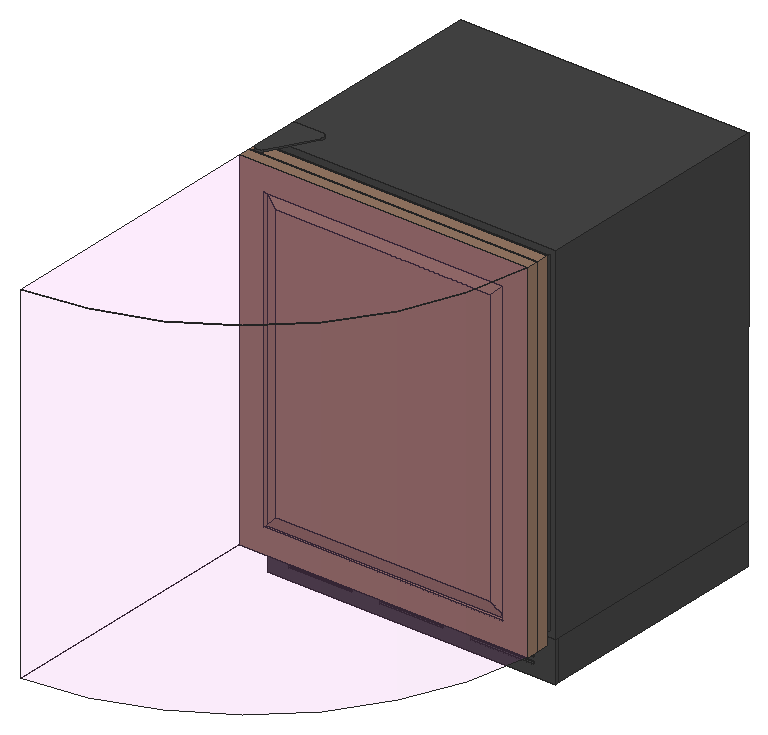
Revit family "QF_Summit_CT66BK2SSIFADA_Refrigerator-Freezer", category Specialty Equipment, Revit 2020
Family settings
  Round Connector Dimension = Use Diameter
  Part Type = Normal
  Work Plane-Based = No
  Always vertical = Yes
  Cut with Voids When Loaded = No
  Shared = No
  Room Calculation Point = No
Parameters
  Weight in Pounds = 100
  Watts = Volts * FL Amps  # 138 W
  Volts = 115 V
  URL Cutsheet = ""
  Specification by User = ""
  Specification by Manufacturer = ""
  Show LHD [instance] = yes
  Right Hinged Door [instance] = not(Show LHD)  # no
  Serial Number = ""
  Seismic Rating = ""
  SMACNA No = ""
  Revision Code = ""
  Refrigerant Volume = 0.00 kip
  Refrigerant Type = "R600a"
  Phase = 1
  Number of Poles = 1
  NAFEM Spec ID Number = ""
  Model = "CT66BK2SSIFADA"
  Min Ckt Ampacity = 0 A
  Max Overcurrent Protection = 0 A
  Masterspec = ""
  Manufacturer = "Summit"
  Length = 23 5/8"
  Item Number = ""
  Installed By = ""
  Identify Quantity as Lot = yes
  Height = 32 1/8"
  HP = ""
  Furnished By = ""
  Foodservice Equipment Identifier = yes
  FL Amps = 1.2 A
  Electrical Remarks = ""
  Electric Connection Type = ""
  Elec Conn RI Height = 0"
  Elec Conn Connection Height = 0"
  Description = "Refrigerator-Freezer"
  Depth = 22 3/8"
  Default Elevation = 0"
  Cycle = 60 Hz
  Conn Plug = ""
  Conn Conduit = yes
  CSI MasterFormat = ""
  BTUH = 0.0 Btu/h
  Apparent Power = if(Phase = 3, Volts * FL Amps * 1.73, Volts * FL Amps)  # 138 VA
Reference planes (in)
  plane 1 "BACK": y = 0
  plane 2: z = 0
  plane 3 "LEFT": x = 0
  plane 4 "RIGHT": x = 23.625
  plane 5 "FRONT": y = -22.375
  plane 6 "TOP": z = 32.125
  plane 7 "Center Y": x = 11.8125
  plane 8 "Center X": y = -11.1875
  plane 9: z = 32
  plane 10: y = -23.375
  plane 11: y = -45.875
  plane 12: y = -0.75
  plane 13: y = -20.5
  plane 14: z = 0.125
  plane 15: z = 3.375
  plane 16: x = 17.46169
Forms (in)
  Extrusion 1, solid, material "QF_Metallic_Paint_Black_Smooth"
    sketch origin (-4.07558, -180, 0.25) x (-1, 0, 0) y (0, -1, 0)
      loop
        line (-4.07558, -179.25) -> (-4.07558, -159.5) -> (-27.70058, -159.5) -> (-27.70058, -179.25) -> (-4.07558, -179.25)
    from 3.125 to 31.75
  Extrusion 2, solid, material "QF_Wood_Mahogany"
    sketch origin (-5.77638, -180, 3.5) x (-1, 0, 0) y (0, -1, 0)
      loop
        line (-5.77638, -157.625) -> (-29.40138, -157.625) -> (-29.40138, -158.625) -> (-5.77638, -158.625) -> (-5.77638, -157.625)
    from -0.125 to 28.5
  Extrusion 3, solid, material "QF_Metallic_Paint_Black_Smooth"
    sketch origin (23.5, -21.375, 3.5) x (-1, 0, 0) y (0, 0, 1)
      loop
        line (0.375, 0.375) -> (23, 0.375) -> (23, 28) -> (0.375, 28) -> (0.375, 0.375)
    from 0 to 0.875
  Extrusion 4, solid, material "QF_Metallic_Paint_Black_Smooth", visible <- "Right Hinged Door"
    sketch origin (-5.77638, -180, 32) x (-1, 0, 0) y (0, -1, 0)
      loop
        arc (-29.27619, -161.7403) -> (-29.20297, -161.91708) -> (-29.02619, -161.9903) r 0.25
        line (-29.02619, -161.9903) -> (-26.9149, -161.9903)
        arc (-26.9149, -161.9903) -> (-26.55876, -161.78675) -> (-26.55339, -161.37658) r 0.41333
        line (-26.55339, -161.37658) -> (-28.47012, -157.91871)
        arc (-28.47012, -157.91871) -> (-28.95386, -157.71088) -> (-29.27619, -158.12717) r 0.42999
        line (-29.27619, -158.12717) -> (-29.27619, -161.7403)
    from 0 to 0.125
  Extrusion 5, solid, material "QF_Metallic_Paint_Black_Smooth", visible <- "Right Hinged Door"
    sketch origin (-5.77638, -180, 3.375) x (0, 1, 0) y (1, 0, 0)
      loop
        line (159.5, 29.27619) -> (158.12717, 29.27619)
        arc (158.12717, 29.27619) -> (157.71088, 28.95386) -> (157.91871, 28.47012) r 0.42999
        line (157.91871, 28.47012) -> (159.5, 27.5936) -> (159.5, 29.27619)
    from 0 to 0.125
  Extrusion 6, solid, material "QF_Metallic_Paint_Black_Smooth"
    sketch origin (-12.48311, -20.5, 48) x (-1, 0, 0) y (0, 0, 1)
      loop
        line (-12.48311, -44.625) -> (-36.10811, -44.625) -> (-36.10811, -47.875) -> (-12.48311, -47.875) -> (-12.48311, -44.625)
      loop
        line (-14.18872, -45.26011) -> (-19.43872, -45.26011) -> (-19.43872, -45.51011) -> (-14.18872, -45.51011) -> (-14.18872, -45.26011)
      loop
        line (-14.18872, -45.76011) -> (-19.43872, -45.76011) -> (-19.43872, -46.01011) -> (-14.18872, -46.01011) -> (-14.18872, -45.76011)
      loop
        line (-14.18872, -46.26011) -> (-19.43872, -46.26011) -> (-19.43872, -46.51011) -> (-14.18872, -46.51011) -> (-14.18872, -46.26011)
      loop
        line (-14.18872, -46.76011) -> (-19.43872, -46.76011) -> (-19.43872, -47.01011) -> (-14.18872, -47.01011) -> (-14.18872, -46.76011)
      loop
        line (-21.67061, -45.26011) -> (-26.92061, -45.26011) -> (-26.92061, -45.51011) -> (-21.67061, -45.51011) -> (-21.67061, -45.26011)
      loop
        line (-21.67061, -45.76011) -> (-26.92061, -45.76011) -> (-26.92061, -46.01011) -> (-21.67061, -46.01011) -> (-21.67061, -45.76011)
      loop
        line (-21.67061, -46.26011) -> (-26.92061, -46.26011) -> (-26.92061, -46.51011) -> (-21.67061, -46.51011) -> (-21.67061, -46.26011)
      loop
        line (-21.67061, -46.76011) -> (-26.92061, -46.76011) -> (-26.92061, -47.01011) -> (-21.67061, -47.01011) -> (-21.67061, -46.76011)
      loop
        line (-34.40249, -45.26011) -> (-34.40249, -45.51011) -> (-29.15249, -45.51011) -> (-29.15249, -45.26011) -> (-34.40249, -45.26011)
      loop
        line (-34.40249, -45.76011) -> (-34.40249, -46.01011) -> (-29.15249, -46.01011) -> (-29.15249, -45.76011) -> (-34.40249, -45.76011)
      loop
        line (-34.40249, -46.26011) -> (-34.40249, -46.51011) -> (-29.15249, -46.51011) -> (-29.15249, -46.26011) -> (-34.40249, -46.26011)
      loop
        line (-34.40249, -46.76011) -> (-34.40249, -47.01011) -> (-29.15249, -47.01011) -> (-29.15249, -46.76011) -> (-34.40249, -46.76011)
    from 0 to 0.25
  Extrusion 7, solid, material "QF_Metallic_Paint_Black_Smooth"
    sketch origin (-12.48311, -1, 48) x (-1, 0, 0) y (0, 0, 1)
      loop
        line (-12.48311, -44.625) -> (-36.10811, -44.625) -> (-36.10811, -47.875) -> (-12.48311, -47.875) -> (-12.48311, -44.625)
    from -19.25 to 0.25
  Extrusion 8, solid, material "QF_Metallic_Paint_Black_Smooth"
    sketch origin (0, 0, 0) x (1, 0, 0) y (0, 1, 0)
      loop
        circle (3.1104, -18.5) r 0.5
      loop
        circle (3.1104, -2.75) r 0.5
      loop
        circle (20.5146, -18.5) r 0.5
      loop
        circle (20.5146, -2.75) r 0.5
    from 0 to 0.125
  Extrusion 9, solid, material "QF_Metal_Stainless_Polished"
    sketch origin (0, -0.75, 0.25) x (1, 0, 0) y (0, 0, -1)
      loop
        circle (17.46169, -0.84684) r 0.25
    from 0 to 0.25
  Extrusion 10, solid, material "QF_Metallic_Paint_Black_Smooth"
    sketch origin (0, -0.75, 17.75) x (0, -1, 0) y (1, 0, 0)
      loop
        line (-0.75, 9.30778) -> (0, 9.30778) -> (0, 14.31722) -> (-0.75, 14.31722) -> (-0.75, 9.30778)
    from -3 to 3
  Extrusion 11, solid, material "QF_Clearances_Door_Drawer", visible <- "Right Hinged Door"
    sketch origin (-5.77638, -180, 3.375) x (0, -1, 0) y (-1, 0, 0)
      loop
        line (-156.625, -29.40138) -> (-134.125, -29.40138)
        arc (-134.125, -29.40138) -> (-140.92298, -13.34886) -> (-156.625, -5.77638) r 24.71492
        line (-156.625, -5.77638) -> (-156.625, -29.40138)
    from 0 to -28.625
  Extrusion 12, solid, material "QF_Wood_Mahogany"
    sketch origin (23.625, -22.375, 3.5) x (-1, 0, 0) y (0, 0, 1)
      loop
        line (23.625, 28.5) -> (0, 28.5) -> (0, -0.125) -> (23.625, -0.125) -> (23.625, 28.5)
      loop
        line (21.625, 1.875) -> (21.625, 26.5) -> (2, 26.5) -> (2, 1.875) -> (21.625, 1.875)
    from 0 to -1
  Extrusion 13, solid
    sketch origin (23.625, -22.375, 3.5) x (-1, 0, 0) y (0, 0, 1)
      loop
        line (21.625, 26.5) -> (2, 26.5) -> (2, 1.875) -> (21.625, 1.875) -> (21.625, 26.5)
    from 0 to -0.75
  Blend 14, solid, material "QF_Wood_Mahogany"
    base sketch origin (23.625, -23.125, 3.5) x (1, 0, 0) y (0, 0, 1)
      loop
        line (-21.625, 26.5) -> (-21.625, 1.875) -> (-2, 1.875) -> (-2, 26.5) -> (-21.625, 26.5)
    top sketch origin (23.625, -23.125, 3.5) x (-1, 0, 0) y (0, 0, 1)
      loop
        line (20.625, 2.875) -> (20.625, 25.5) -> (3, 25.5) -> (3, 2.875) -> (20.625, 2.875)
    from 0 to 0.25
  Extrusion 15, solid, material "QF_Metallic_Paint_Black_Smooth", visible <- "Show LHD"
    sketch origin (29.40138, -180, 32) x (1, 0, 0) y (0, 1, 0)
      loop
        line (-29.27619, 161.7403) -> (-29.27619, 158.12717)
        arc (-29.27619, 158.12717) -> (-28.95386, 157.71088) -> (-28.47012, 157.91871) r 0.42999
        line (-28.47012, 157.91871) -> (-26.55339, 161.37658)
        arc (-26.55339, 161.37658) -> (-26.55876, 161.78675) -> (-26.9149, 161.9903) r 0.41333
        line (-26.9149, 161.9903) -> (-29.02619, 161.9903)
        arc (-29.02619, 161.9903) -> (-29.20297, 161.91708) -> (-29.27619, 161.7403) r 0.25
    from 0 to 0.125
  Extrusion 16, solid, material "QF_Metallic_Paint_Black_Smooth", visible <- "Show LHD"
    sketch origin (29.40138, -180, 3.375) x (0, -1, 0) y (-1, 0, 0)
      loop
        line (-159.5, 29.27619) -> (-159.5, 27.5936) -> (-157.91871, 28.47012)
        arc (-157.91871, 28.47012) -> (-157.71088, 28.95386) -> (-158.12717, 29.27619) r 0.42999
        line (-158.12717, 29.27619) -> (-159.5, 29.27619)
    from 0 to 0.125
  Extrusion 17, solid, material "QF_Clearances_Door_Drawer", visible <- "Show LHD"
    sketch origin (29.40138, -180, 3.375) x (0, 1, 0) y (1, 0, 0)
      loop
        line (156.625, -29.40138) -> (156.625, -5.77638)
        arc (156.625, -5.77638) -> (140.92298, -13.34886) -> (134.125, -29.40138) r 24.71492
        line (134.125, -29.40138) -> (156.625, -29.40138)
    from 0 to -28.625
Lines and regions (in)
  symbolic lines
    curve 1: line (0, -23.375, 0) -> (23.625, -23.375, 0)
    curve 2: line (23.625, -22.375, 0) -> (0, -22.375, 0)
    curve 3: line (23.625, -21.375, 0) -> (23.49982, -21.375, 0)
    curve 4: line (0, -20.5, 0) -> (0.12518, -20.5, 0)
    curve 5: line (23.625, -0.75, 0) -> (0, -0.75, 0)
    curve 6: line (14.31722, 0, 0) -> (9.30778, 0, 0)
    curve 7: line (0, -0.75, 0) -> (0, -20.5, 0)
    curve 8: line (23.625, -20.5, 0) -> (23.625, -0.75, 0)
    curve 9: line (9.30778, 0, 0) -> (9.30778, -0.75, 0)
    curve 10: line (14.31722, -0.75, 0) -> (14.31722, 0, 0)
    curve 12: line (0, -21.375, 0) -> (0, -22.375, 0)
    curve 13: line (0, -22.375, 0) -> (0, -23.375, 0)
    curve 14: line (23.625, -23.375, 0) -> (23.625, -22.375, 0)
    curve 15: line (23.625, -22.375, 0) -> (23.625, -21.375, 0)
    curve 22: line (22.30224, -21.375, 0) -> (1.32276, -21.375, 0)
    curve 23: line (23.49982, -20.5, 0) -> (23.625, -20.5, 0)
    curve 33: line (1.80778, -20.5, 0) -> (21.81722, -20.5, 0)
    curve 35: line (0.12518, -21.375, 0) -> (0, -21.375, 0)
  symbolic lines, visible <- "Right Hinged Door"
    curve 11: line (0.5, -20.5, 0) -> (0.5, -21.375, 0)
    curve 16: line (23.24982, -18.0097, 0) -> (21.13852, -18.0097, 0)
    curve 17: arc (21.13852, -18.0097, 0) -> (20.78238, -18.21325, 0) -> (20.77701, -18.62342, 0) r 0.41333
    curve 18: line (20.77701, -18.62342, 0) -> (22.69374, -22.08129, 0)
    curve 19: arc (22.69374, -22.08129, 0) -> (23.17748, -22.28912, 0) -> (23.49982, -21.87283, 0) r 0.42999
    curve 20: line (23.49982, -21.87283, 0) -> (23.49982, -18.2597, 0)
    curve 21: arc (23.49982, -18.2597, 0) -> (23.42659, -18.08292, 0) -> (23.24982, -18.0097, 0) r 0.25
    curve 32: line (0.12518, -20.5, 0) -> (1.80778, -20.5, 0)
    curve 34: line (1.32276, -21.375, 0) -> (0.12518, -21.375, 0)
  symbolic lines, style "QF_Clearances_Door_Drawer", visible <- "Right Hinged Door"
    curve 24: line (23.625, -23.375, 0) -> (3.95051, -34.73407, 0)
    curve 25: arc (3.95051, -34.73407, 0) -> (1.27379, -29.2985, 0) -> (0, -23.375, 0) r 24.71492
  symbolic lines, visible <- "Show LHD"
    curve 26: line (0.37518, -18.0097, 0) -> (2.48648, -18.0097, 0)
    curve 27: arc (2.48648, -18.0097, 0) -> (2.84262, -18.21325, 0) -> (2.84799, -18.62342, 0) r 0.41333
    curve 28: line (2.84799, -18.62342, 0) -> (0.93126, -22.08129, 0)
    curve 29: arc (0.93126, -22.08129, 0) -> (0.44752, -22.28912, 0) -> (0.12518, -21.87283, 0) r 0.42999
    curve 30: line (0.12518, -21.87283, 0) -> (0.12518, -18.2597, 0)
    curve 31: arc (0.12518, -18.2597, 0) -> (0.19841, -18.08292, 0) -> (0.37518, -18.0097, 0) r 0.25
    curve 36: line (23.125, -20.5, 0) -> (23.125, -21.375, 0)
    curve 37: line (23.49982, -20.5, 0) -> (21.81722, -20.5, 0)
    curve 38: line (22.30224, -21.375, 0) -> (23.49982, -21.375, 0)
  symbolic lines, style "QF_Clearances_Door_Drawer", visible <- "Show LHD"
    curve 39: line (0, -23.375, 0) -> (19.67449, -34.73407, 0)
    curve 40: arc (19.67449, -34.73407, 0) -> (22.35121, -29.2985, 0) -> (23.625, -23.375, 0) r 24.71492
Dimensions and locks (in)
  equal spacing: plane 3 "LEFT", plane 7 "Center Y", plane 4 "RIGHT"
  "Length": plane 3 "LEFT" to plane 4 "RIGHT"
  equal spacing: plane 5 "FRONT", plane 8 "Center X", plane 1 "BACK"
  "Depth": plane 5 "FRONT" to plane 1 "BACK"
  "Height": plane 6 "TOP" to level
  plane 4 "RIGHT" to plane 3 "LEFT" = 23 5/8"
  plane 6 "TOP" to plane 9 = 1/8"
  plane 1 "BACK" to plane 12 = 3/4"
  plane 12 to plane 13 = 19 3/4"
  plane 13 to plane 11 = 25 3/8"
  plane 12 to plane 11 = 45 1/8"
  plane 14 to plane 2 = 1/8"
  plane 9 to plane 14 = 31 7/8"
  plane 9 to plane 2 = 32"
  aligned and locked: level to plane 2
Automatic sketch dimensions
  curve 12 to plane 3 "LEFT" = 0"
  curve 4 to plane 3 "LEFT" = 0"
  curve 4 to plane 13 = 0"
  curve 32 to plane 13 = 0"
  curve 33 to plane 13 = 0"
  plane 1 "BACK" to curve 9 = 0"
  curve 9 to plane 12 = 0"
  curve 37 to plane 13 = 0"
  curve 23 to plane 13 = 0"
  curve 23 to plane 4 "RIGHT" = 0"
  curve 15 to plane 4 "RIGHT" = 0"
  curve 25 to plane 10 = 0"
  plane 5 "FRONT" to curve 14 = 0"
  curve 40 to plane 3 "LEFT" = 0.99226"
  plane 3 "LEFT" to curve 34 = 0.12518"
  curve 30 to curve 31 = 1/4"
  curve 30 to curve 29 = 0.42999"
  curve 28 to plane 5 "FRONT" = 0.29371"
  curve 29 to curve 28 = 0.37608"
  curve 29 to curve 22 = 0.3915"
  curve 26 to curve 26 = 2.1113"
  curve 27 to curve 28 = 0.36151"
  plane 3 "LEFT" to curve 24 = 3.95051"
  curve 9 to plane 7 "Center Y" = 2.50472"
  plane 7 "Center Y" to curve 10 = 2.50472"
  curve 39 to plane 16 = 2.2128"
  plane 4 "RIGHT" to curve 18 = 2.84799"
  curve 17 to curve 16 = 0.36151"
  curve 18 to plane 5 "FRONT" = 0.29371"
  plane 4 "RIGHT" to curve 18 = 0.93126"
  curve 18 to curve 19 = 0.37608"
  plane 4 "RIGHT" to curve 16 = 0.37518"
  plane 4 "RIGHT" to curve 20 = 0.12518"
  curve 25 to plane 4 "RIGHT" = 0.99226"
  curve 24 to curve 1 = 11.35907"
  curve 39 to curve 1 = 11.35907"
  curve 20 to curve 3 = 0.49783"
  curve 30 to curve 35 = 0.49783"
  curve 34 to curve 35 = 0"
  curve 22 to curve 34 = 0"
  plane 13 to curve 18 = 1.87658"
  curve 17 to curve 17 = 0.20039"
  curve 27 to curve 27 = 0.20039"
  curve 4 to curve 11 = 0.37482"
  curve 38 to curve 22 = 0"
  curve 36 to curve 3 = 0.37482"
  Extrusion 1 sketch curve to plane 4 "RIGHT" = 0"
  Extrusion 1 sketch curve to plane 3 "LEFT" = 0"
  Extrusion 1 sketch curve to plane 12 = 0"
  Extrusion 1 sketch curve to plane 13 = 0"
  Extrusion 2 sketch curve to plane 4 "RIGHT" = 0"
  Extrusion 2 sketch curve to plane 3 "LEFT" = 0"
  plane 5 "FRONT" to Extrusion 2 sketch curve = 0"
  Extrusion 2 sketch curve to plane 13 = 7/8"
  Extrusion 2 to Extrusion 3 sketch curve = 1/2"  (x3)
  Extrusion 3 sketch curve to Extrusion 2 = 1/2"
  Extrusion 4 sketch curve to Extrusion 2 = 0.12518"
  Extrusion 4 sketch curve to Extrusion 4 sketch curve = 1/4"
  Extrusion 4 sketch curve to Extrusion 4 sketch curve = 0.42999"
  Extrusion 4 sketch curve to Extrusion 2 = 0.29371"
  Extrusion 4 sketch curve to Extrusion 4 sketch curve = 0.37608"
  Extrusion 4 sketch curve to Extrusion 4 sketch curve = 2.1113"
  Extrusion 4 sketch curve to Extrusion 4 sketch curve = 0.36151"
  Extrusion 2 to Extrusion 4 sketch curve = 2.75158"
  Extrusion 4 sketch curve to Extrusion 4 sketch curve = 0.20039"
  Extrusion 5 sketch curve to plane 13 = 0"
  Extrusion 5 sketch curve to plane 5 "FRONT" = 0.50217"
  Extrusion 5 sketch curve to plane 5 "FRONT" = 0.29371"
  plane 4 "RIGHT" to Extrusion 5 sketch curve = 0.12518"
  Extrusion 5 sketch curve to Extrusion 5 sketch curve = 0.42999"
  Extrusion 5 sketch curve to Extrusion 5 sketch curve = 1.6826"
  plane 4 "RIGHT" to Extrusion 6 sketch curve = 0"
  Extrusion 6 sketch curve to plane 3 "LEFT" = 0"
  Extrusion 6 sketch curve to plane 14 = 0"
  Extrusion 6 sketch curve to plane 15 = 0"
  plane 4 "RIGHT" to Extrusion 6 sketch curve = 1.70562"
  Extrusion 6 sketch curve to Extrusion 6 sketch curve = 0"  (x18)
  plane 16 to Extrusion 6 sketch curve = 0.79231"
  plane 14 to Extrusion 6 sketch curve = 0.86489"  (x2)
  Extrusion 6 sketch curve to Extrusion 6 sketch curve = 2.23188"  (x2)
  Extrusion 6 sketch curve to plane 15 = 1.13511"
  Extrusion 6 sketch curve to plane 7 "Center Y" = 2 5/8"
  plane 14 to Extrusion 6 sketch curve = 1.11489"
  plane 3 "LEFT" to Extrusion 6 sketch curve = 1.70562"
  Extrusion 6 sketch curve to Extrusion 6 sketch curve = 1/4"  (x20)
  plane 4 "RIGHT" to Extrusion 7 sketch curve = 0"
  Extrusion 7 sketch curve to plane 3 "LEFT" = 0"
  Extrusion 7 sketch curve to plane 14 = 0"
  Extrusion 7 sketch curve to plane 15 = 0"
  plane 3 "LEFT" to Extrusion 8 sketch curve = 3.1104"  (x2)
  Extrusion 8 sketch curve to plane 16 = 3.05291"  (x2)
  plane 13 to Extrusion 8 sketch curve = 2"  (x2)
  Extrusion 8 sketch curve to plane 12 = 2"  (x2)
  Extrusion 9 sketch curve to Extrusion 1 = 2.27816"
  Extrusion 9 sketch curve to Extrusion 1 = 6.16331"
  plane 1 "BACK" to Extrusion 10 sketch curve = 0"
  Extrusion 10 sketch curve to plane 12 = 0"
  Extrusion 10 sketch curve to plane 7 "Center Y" = 2.50472"
  plane 7 "Center Y" to Extrusion 10 sketch curve = 2.50472"
  Extrusion 11 sketch curve to Extrusion 2 = 0"  (x2)
  Extrusion 11 sketch curve to Extrusion 2 = 0.19499"
  Extrusion 11 sketch curve to Extrusion 2 = 1"
  Extrusion 11 sketch curve to Extrusion 11 sketch curve = 22 1/2"
  plane 4 "RIGHT" to Extrusion 12 sketch curve = 0"
  Extrusion 12 sketch curve to plane 3 "LEFT" = 0"
  Extrusion 12 sketch curve to plane 15 = 0"
  Extrusion 12 sketch curve to plane 9 = 0"
  plane 4 "RIGHT" to Extrusion 12 sketch curve = 2"
  plane 3 "LEFT" to Extrusion 12 sketch curve = 2"
  plane 15 to Extrusion 12 sketch curve = 2"
  Extrusion 12 sketch curve to plane 9 = 2"
  Extrusion 12 to Extrusion 13 sketch curve = 0"
  Extrusion 13 sketch curve to Extrusion 12 = 0"  (x3)
  Extrusion 13 to Blend 14 sketch curve = 0"
  Blend 14 sketch curve to Extrusion 13 = 0"  (x3)
  Extrusion 13 to Blend 14 sketch curve = 1"  (x4)
  Extrusion 15 sketch curve to Extrusion 2 = 0.12518"
  Extrusion 15 sketch curve to Extrusion 15 sketch curve = 1/4"
  Extrusion 15 sketch curve to Extrusion 15 sketch curve = 0.42999"
  Extrusion 15 sketch curve to Extrusion 2 = 0.29371"
  Extrusion 15 sketch curve to Extrusion 15 sketch curve = 0.37608"
  Extrusion 15 sketch curve to Extrusion 15 sketch curve = 2.1113"
  Extrusion 15 sketch curve to Extrusion 15 sketch curve = 0.36151"
  Extrusion 2 to Extrusion 15 sketch curve = 2.75158"
  Extrusion 15 sketch curve to Extrusion 15 sketch curve = 0.20039"
  Extrusion 16 sketch curve to plane 13 = 0"
  plane 3 "LEFT" to Extrusion 16 sketch curve = 0.12518"
  Extrusion 16 sketch curve to plane 5 "FRONT" = 0.50217"
  Extrusion 16 sketch curve to plane 5 "FRONT" = 0.29371"
  Extrusion 16 sketch curve to Extrusion 16 sketch curve = 0.42999"
  Extrusion 16 sketch curve to Extrusion 16 sketch curve = 1.6826"
  Extrusion 17 sketch curve to Extrusion 2 = 0"  (x2)
  Extrusion 17 sketch curve to Extrusion 2 = 23 1/2"
  Extrusion 17 sketch curve to Extrusion 2 = 1"
  Extrusion 17 sketch curve to Extrusion 2 = 0.19499"
  radius of Extrusion 8 sketch curve = 1/2"  (x4)
  radius of Extrusion 9 sketch curve = 1/4"
Connectors (in)
  electrical at (17.46169, -0.5, 1.09684), driven by "Volts", driven by "Watts"
    settings: on Extrusion 9, index 2, voltage 115 V, apparent load 138 VA, apparent load phase1 0 VA, apparent load phase2 0 VA, apparent load phase3 0 VA, power factor 1, load classification "Other", number of poles 1, system type 30, power factor state 1, is connector primary yes, connector utility no, sub classification motor no, connector description ""
